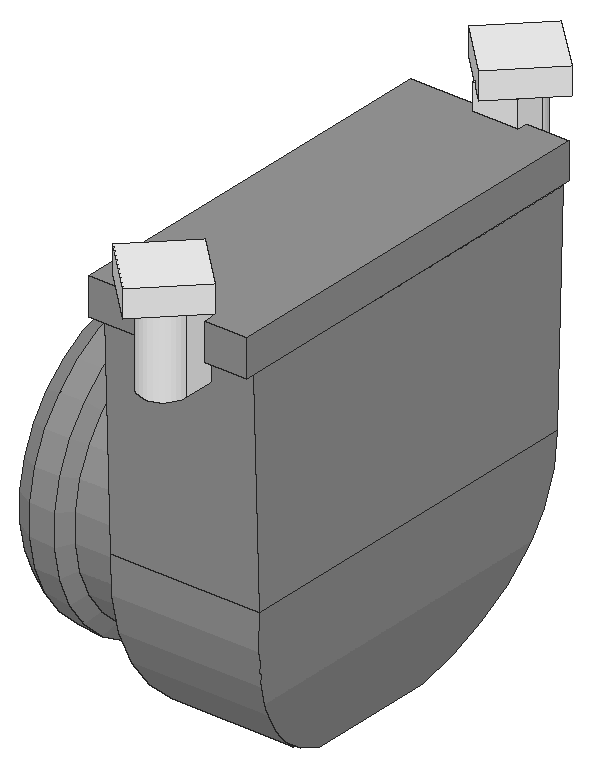
Revit family "HL_RU_Anti-flooding valve_HL710.0-A-171212", category Příslušenství trubek, Revit 2021
Family settings
  Kóta kulaté spojky = Použít průměr
  Typ dílu = Zakončení
  Číslo OmniClass = 23.65.55.14.21
  Nadpis OmniClass = Non-Return Valves for Liquid Services
  Založené na pracovní rovině = Ne
  Vždy vertikální = Ano
  Ořezat dutým tvarem při načtení = Ne
  Sdílené = Ne
Parameters
  РАЗМЕР = "DN110"
  ПРОПУСКНАЯ СПОСОБНОСТЬ [instance] = 0.0 m³/h
  ПРАВОВАЯ ИНФОРМАЦИЯ = "\"Copyright (©), design rights or any other intellectual property rights, shall be the exclusive property of HL Hutterer & Lechner GmbH. Modification is not allowed. Family has been watermarked.\""
  ПАДЕНИЕ ДАВЛЕНИЯ [instance] = 0.0 Pa
  НОМИНАЛЬНЫЙ ДИАМЕТР = 110 mm
  МАТЕРИАЛ = "ABS"
  ВЫСОТА МОНТАЖА = "220 mm"
  ВЕС = "0,828 kg"
  Výrobce = "HL Hutterer & Lechner GmbH"
  Výchozí výška = 0 mm
  URL = "http://www.hutterer-lechner.com/en/products/catalog/roof-drains/HL710.0.aspx"
  Description = "Anti flood valves"
  Model = "HL710.0"
  Type Comments = "anti-flood valve DN110 with stainless steel flap and socket for plastic pipes"
  Keynote = "HL710.0"
  EAN = "9003076971008"
  Cena = 0
Types (2, lengths in mm): name | ПРАВОВАЯ ИНФОРМАЦИЯ | URL | Description | Type Comments
  (no name) | "\"Copyright (©), design rights or any other intellectual property rights, shall be the exclusive property of HL Hutterer & Lechner GmbH. Modification is not allowed. Family has been watermarked.\"" | "http://www.hutterer-lechner.com/en/products/catalog/roof-drains/HL710.0.aspx" | "Anti flood valves" | "anti-flood valve DN110 with stainless steel flap and socket for plastic pipes"
  HL_Затвор_HL710.0 | "\"Авторские права(©), права на дизайн или какие либо другие права интелектуальной собственности являются исключительной собственностью компании HL Hutterer & Lechner. Изменению не подлежит. Файл семейства с данными о прозводителе изделия защищен паролем с водяным знаком.\"" | "http://www.hutterer-lechner.com/ru/products/catalog/roof-drains/HL710.0.aspx" | "Механический канализационный затвор" | "Затвор DN110 с заслонкой из нержавеющей стали и муфтой для труб из синтетического материала."
Reference planes
  plane 1 "Střed (vpředu/vzadu)": y = 0
  plane 2: z = 0
  plane 3 "Střed (vlevo/vpravo)": x = 0
Forms (mm)
  Sweep 1, solid, material "Plastic - Orange", detail levels fine
    path origin (40.75, 0, 107.14) x (-1, 0, 0) y (0, 0, 1)
      loop
        line (36.993, 0) -> (-28.883, 0)
    profile origin (36.695, 0, 107.14) x (0, 0, -1) y (0, 1, 0)
      loop
        line (0, -85.007) -> (95.534, -81.671)
        arc (95.534, -81.671) -> (182.983, 0.018) -> (95.585, 81.761) r 81.902
        line (95.585, 81.761) -> (0, 85.007) -> (0, -85.007)
  Extrusion 2, void
    sketch origin (40.75, 0, 107.14) x (-1, 0, 0) y (0, 0, 1)
      loop
        line (2.422, -177.91) -> (-12.578, -177.91)
        arc (-12.578, -177.91) -> (-24.244, -137.444) -> (-28.883, -95.585) r 247.575
        line (-28.883, -95.585) -> (-28.883, -185.878) -> (2.422, -185.878) -> (2.422, -177.91)
    from -110 to 110
  Extrusion 3, solid, material "Plactic - White", detail levels fine
    sketch origin (94.466, -0.284, 123.14) x (-1, 0, 0) y (0, -1, 0)
      loop
        line (54, -121.127) -> (76.627, -98.5) -> (54, -75.873) -> (31.373, -98.5) -> (54, -121.127)
    from 11.235 to 23.235
  Extrusion 4, solid, material "Plactic - White", detail levels fine
    sketch origin (94.466, -0.284, 134.375) x (0, -1, 0) y (-1, 0, 0)
      loop
        arc (-98.5, 64) -> (-108.5, 54) -> (-98.5, 44) r 10
        line (-98.5, 44) -> (-84.694, 44) -> (-84.694, 64) -> (-98.5, 64)
    from 0 to 37.235
  Extrusion 5, solid, material "Plactic - White", detail levels fine
    sketch origin (94.466, 0.284, 123.14) x (-1, 0, 0) y (0, -1, 0)
      loop
        line (54, 121.127) -> (31.373, 98.5) -> (54, 75.873) -> (76.627, 98.5) -> (54, 121.127)
    from 11.235 to 23.235
  Extrusion 6, solid, material "Plactic - White", detail levels fine
    sketch origin (94.466, 0.284, 134.375) x (0, -1, 0) y (-1, 0, 0)
      loop
        line (98.5, 64) -> (84.694, 64) -> (84.694, 44) -> (98.5, 44)
        arc (98.5, 44) -> (108.5, 54) -> (98.5, 64) r 10
    from 0 to 37.235
  Revolve 7, solid, material "Plastic - Orange", detail levels fine
    sketch origin (40.75, 0, 107.14) x (-1, 0, 0) y (0, 0, 1)
      loop
        line (95.117, -107.14) -> (95.117, -47.964) -> (86.336, -42.477) -> (74.648, -41.454) -> (70.988, -47.793) -> (36.993, -47.793) -> (36.993, -107.14) -> (95.117, -107.14)
      axis (95.117, -107.14) -> (36.993, -107.14)
    angle from 0 to 360
  Extrusion 8, solid, material "Plastic - Orange", detail levels fine
    sketch origin (3.757, -85.007, 107.14) x (1, 0, 0) y (0, 1, 0)
      loop
        line (-3.757, -3.743) -> (65.876, -3.743) -> (65.876, 173.757) -> (-3.757, 173.757) -> (-3.757, -3.743)
    from 0 to 16
Cuts and joins
  Extrusion 2 cuts Sweep 1
Lines and regions (mm)
  symbolic lines, style "Symbol", detail levels coarse+medium
    curve 1: line (0, -105, 0) -> (0, 105, 0)
    curve 2: circle (205, -0.5, 0) r 100 normal (0, 0, 1)
    curve 3: line (0, 0, 0) -> (105.001, 0, 0)
  model lines, style "Symbol", detail levels coarse+medium
    curve 4: line (0, 0, -105) -> (0, 0, 105)
    curve 5: line (0, 0, 0) -> (105, 0, 0)
    curve 6: circle (205, 0, 0) r 100 normal (0, -1, 0)
Dimensions and locks
  aligned and locked: level to plane 2
Connectors
  piping at (0, 0, 0), diameter 110, driven by "НОМИНАЛЬНЫЙ ДИАМЕТР", driven by "ПАДЕНИЕ ДАВЛЕНИЯ", driven by "ПРОПУСКНАЯ СПОСОБНОСТЬ"
    settings: on plane 3 "Střed (vlevo/vpravo)", index 1, connector inside diameter 609.6 mm, connector length 0 mm, flow factor 0, pipe flow 0.0 m³/h, pressure drop 0.0 Pa, fitting loss kfactor 0, connector angle 0.00°, fixture units 0, engagement length 0 mm, angle of deflection 0.00°, flow configuration 0, flow direction 0, fitting loss method 4, system type 16, joint type 0, gender type 0, connector reference index -1, connector utility 0, adjustable connector no, is connector primary yes, connector description ""
